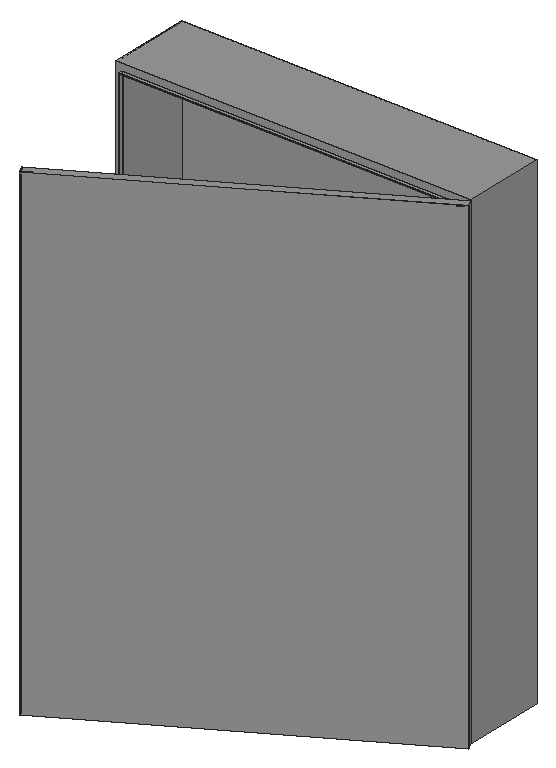
Revit family "Hager-Univers-IP44-D205-H1100-Cl.I-encl-NoHosted-DE-de", category Equipement électrique, Revit 2020
Family settings
  Configuration du panneau = Deux colonnes, circuits au sein
  Cote de connecteur circulaire = Utiliser le diamètre
  Type d'élément = Tableau de raccordement
  Basée sur le plan de construction = Oui
  Toujours verticalement = Oui
  Couper avec des vides une fois chargée = Non
  Partagée = Non
  Point de calcul de pièce = Non
Parameters (values of type "Aufputz IP44 B800 H1100 T205  - FP73TN2")
  Width Control [instance] = if([EF000008 - Breite] > Min Width, [EF000008 - Breite], Min Width)  # 800 mm
  Commentaires du type = [HG000003 - Bereich]  # "Univers"
  Thickness Door [instance] = if([EF009171 - Materialstärke Tür/Deckel] > 3 mm, 3 mm, [EF009171 - Materialstärke Tür/Deckel])  # 1 mm
  Seal Frame Offset [instance] = 17 mm  # constant formula
  Plinth Visibility [instance] = [HG000027 - Sockelhöhe] > 0 mm  # no
  Min Width [instance] = 100 mm  # constant formula
  Min Depth [instance] = (2 * [EF009170 - Materialstärke Gehäuse]) + 1 mm  # 3 mm
  Min Height [instance] = 100 mm  # constant formula
  Internal Frame Depth [instance] = (Door System Depth * 0.5)  # 9 mm
  Panel Name [instance] = ""  # (empty or 0)
  Model = ""
  HG000027 - Sockelhöhe = 0 mm
  HG000026 - Stehend auf dem Boden = no
  HG000024 - Höhe des unteren Teils = 600 mm
  HG000023 - Gehäuse mit doppeltem Querschnitt = no
  HG000016 - 3D-Türsichtbarkeit [instance] = yes
  HG000015 - Sichtbarkeit der Türöffnung [instance] = no
  HG000014 - Tür rechts [instance] = yes
  HG000013 - Tür links [instance] = not([HG000014 - Tür rechts])  # no
  HG000012 - Türschwenkwinkel [instance] = 30.00°
  HG000010 - Asymmetrische Türen = no
  HG000009 - Doppelflügeligen Tür = no
  HG000006 - Unterputz = no
  HG000004 - Herstellerreferenz = "FP73TN2"
  HG000003 - Bereich = "Univers"
  HG000002 - Mit tür = yes
  Frame Offset Bottom [instance] = 10 mm  # constant formula
  Frame Offset [instance] = 15 mm  # constant formula
  EF015940 - Deckel mit Überdruckentlastung = no
  EF011959 - Schutzart (NEMA) = ""
  EF009554 - Anzahl der Öffnungen für Flanschplatten = 6
  EF009212 - Ausführung Deckel = "EV000116 - geschlossen"
  EF009171 - Materialstärke Tür/Deckel = 1 mm
  EF009170 - Materialstärke Gehäuse = 1 mm
  EF008873 - Nennstrom (In) = 250 A
  EF007800 - Geeignet für Blitzschutz = no
  EF006306 - Mit Schloss = no
  EF006244 - Transparenter Deckel/Tür = no
  EF005474 - Schutzart (IP) = "EV006418 - IP44"
  EF004464 - Art der Tür = "EV002646 - Einzel"
  EF004427 - Anzahl der Module = 252
  EF004293 - Schlagfestigkeit = "EV006815 - IK09"
  EF003532 - Geeignet für Außengebrauch = no
  EF002950 - Breite in Teilungseinheiten = 36
  EF001613 - Funktionserhalt = "EV000494 - ohne"
  EF001596 - Werkstoff des Gehäuses = "EV000179 - Stahl"
  EF001131 - Innentiefe = 130 mm
  EF001088 - Anbaumöglichkeit = yes
  EF000437 - Anzahl der Leitungseinführungen = 6
  EF000339 - Art der Abdeckung = "EV001012 - Deckel"
  EF000266 - Anzahl der Reihen = 7
  EF000218 - Einbautiefe = 205 mm
  EF000118 - Mit Montageplatte = no
  EF000116 - RAL-Nummer = "9010"
  EF000049 - Tiefe = 205 mm
  EF000040 - Höhe = 1100 mm
  EF000008 - Breite = 800 mm
  EF000007 - Farbe = "EV000202 - weiß"
  EF000003 - Montageart = "EV000384 - Aufputz"
  Door System Leaf Tolerance [instance] = 1.5 mm  # constant formula
  Door System Depth [instance] = 18 mm  # constant formula
  Door Height [instance] = Height Control - [HG000027 - Sockelhöhe]  # 1100 mm
  Description = ""
  Default Elevation = 1219.2 mm
  Connector Offset [instance] = Height Control / 2  # 550 mm
  Fabricant = "Hager"  # constant formula
  Height Control [instance] = if([EF000040 - Höhe] > Min Height, [EF000040 - Höhe], Min Height)  # 1100 mm
  Depth Control [instance] = if([EF000049 - Tiefe] > Min Depth, [EF000049 - Tiefe], Min Depth)  # 205 mm
  Bottom Top Plate Trim [instance] = 1.5 mm  # constant formula
  Plinth height Ctrl [instance] = if([HG000027 - Sockelhöhe] > 0 mm, [HG000027 - Sockelhöhe], 12 mm)  # 12 mm
Types (9, lengths in mm): name | Width Control | HG000010 - Asymmetrische Türen | HG000009 - Doppelflügeligen Tür | HG000004 - Herstellerreferenz | EF009554 - Anzahl der Öffnungen für Flanschplatten | EF004464 - Art der Tür | EF004427 - Anzahl der Module | EF002950 - Breite in Teilungseinheiten | EF000437 - Anzahl der Leitungseinführungen | EF000008 - Breite
  Aufputz IP44 B1050 H1100 T205  - FP74TN2 | 1050 | no | yes | "FP74TN2" | 8 | "EV003602 - Doppel" | 336 | 48 | 8 | 1050
  Aufputz IP44 B1300 H1100 T205  - FP75TN | 1300 | no | yes | "FP75TN" | 10 | "EV003602 - Doppel" | 420 | 60 | 10 | 1300
  Aufputz IP44 B1300 H1100 T205  - FP75TN2 | 1300 | yes | yes | "FP75TN2" | 10 | "EV003602 - Doppel" | 420 | 60 | 10 | 1300
  Aufputz IP44 B300 H1100 T205  - FP71TN | 300 | no | no | "FP71TN" | 2 | "EV002646 - Einzel" | 84 | 12 | 2 | 300
  Aufputz IP44 B300 H1100 T205  - FP71TN2 | 300 | no | no | "FP71TN2" | 2 | "EV002646 - Einzel" | 84 | 12 | 2 | 300
  Aufputz IP44 B550 H1100 T205  - FP72TN | 550 | no | no | "FP72TN" | 4 | "EV002646 - Einzel" | 168 | 24 | 4 | 550
  Aufputz IP44 B550 H1100 T205  - FP72TN2 | 550 | no | no | "FP72TN2" | 4 | "EV002646 - Einzel" | 168 | 24 | 4 | 550
  Aufputz IP44 B800 H1100 T205  - FP73TN | 800 | no | no | "FP73TN" | 6 | "EV002646 - Einzel" | 252 | 36 | 6 | 800
  Aufputz IP44 B800 H1100 T205  - FP73TN2 | 800 | no | no | "FP73TN2" | 6 | "EV002646 - Einzel" | 252 | 36 | 6 | 800
Reference planes
  plane 1 "Center (Front/Back)": y = 0
  plane 2: z = 0
  plane 3 "Center (Left/Right)": x = 0
  plane 4: y = 0
  plane 5: y = 0
  plane 6: z = 0
  plane 7: x = -400
  plane 8: x = 400
  plane 9: x = 399
  plane 10: x = -399
  plane 11: z = 0
  plane 12: z = 1
  plane 13: y = -205
  plane 14: y = -1
  plane 15: x = 0
  plane 16: y = -187
  plane 17: y = -204
  plane 18: y = -186
  plane 19: x = -384
  plane 20: x = 384
  plane 21: z = 11
  plane 22: x = -383
  plane 23: x = 383
  plane 24: z = 0
  plane 25: z = 1100
  plane 26: z = 1100
  plane 27: z = 1084
  plane 28: z = 1099
Forms (mm)
  Extrusion 1, solid, material "Hager_Steel_RAL7035_Light_Grey", detail levels medium+fine
    sketch origin (-208.679, -4572, 0) x (-1, 0, 0) y (0, -1, 0)
      loop
        line (191.321, -4385) -> (-608.679, -4385) -> (-608.679, -4572) -> (191.321, -4572) -> (191.321, -4385)
    from 0 to 1100
  Extrusion 2, void
    sketch origin (-350.771, -205, 1219.2) x (1, 0, 0) y (0, 0, 1)
      loop
        line (-48.229, -120.2) -> (-48.229, -1218.2) -> (749.771, -1218.2) -> (749.771, -120.2) -> (-48.229, -120.2)
    from -19 to -204
  Extrusion 3, void
    sketch origin (-290.084, -187, 1219.2) x (1, 0, 0) y (0, 0, 1)
      loop
        line (-93.916, -1208.2) -> (674.084, -1208.2) -> (674.084, -135.2) -> (-93.916, -135.2) -> (-93.916, -1208.2)
    from 0 to -1
  Extrusion 4, solid, material "Hager_Steel_RAL7035_Light_Grey", visible <- "Plinth Visibility", detail levels medium+fine
    sketch origin (0, 0, 0) x (1, 0, 0) y (0, 1, 0)
      loop
        line (-400, 0) -> (-400, -187) -> (400, -187) -> (400, 0) -> (-400, 0)
    from 0 to 12 <- "Plinth height Ctrl"
  Extrusion 5, solid, material "Hager_Steel_RAL7035_Light_Grey", detail levels coarse
    sketch origin (0, 0, 0) x (1, 0, 0) y (0, 1, 0)
      loop
        line (-400, 0) -> (-400, -205) -> (400, -205) -> (400, 0) -> (-400, 0)
    from 0 to 1100 <- "Height Control"
  Sweep 6, void
    path in 3D
      loop
        line (-400, -187, 12) -> (400, -187, 12) -> (400, 0, 12) -> (-400, 0, 12) -> (-400, -187, 12)
    profile origin (-400, -93.5, 12) x (1, 0, 0) y (0, 0, 1)
      loop
        line (0, 0) -> (0, -1.5) -> (1.5, -1.5)
        arc (1.5, -1.5) -> (1.061, -0.439) -> (0, 0) r 1.5
  Extrusion 7, solid, material "Hager_Steel_RAL7035_Light_Grey", detail levels fine
    sketch origin (-400, -187, 0) x (1, 0, 0) y (0, 0, 1)
      loop
        line (16, 11) -> (784, 11) -> (784, 1084) -> (16, 1084) -> (16, 11)
      loop
        line (15, 10) -> (785, 10) -> (785, 1085) -> (15, 1085) -> (15, 10)
    from 0 to 9 <- "Internal Frame Depth"
Cuts and joins
  Extrusion 2, Extrusion 3 cuts Extrusion 1
  Sweep 6 cuts Extrusion 4
Lines and regions (mm)
  Masking region 1
    outline origin (0, 0, 0) x (1, 0, 0) y (0, 1, 0)
      loop
        line (-400, 0) -> (-400, -205) -> (400, -205) -> (400, 0) -> (-400, 0)
  Masking region 2, detail levels coarse
    outline origin (-290.084, -187, 1219.2) x (-1, 0, 0) y (0, 0, 1)
      loop
        line (-690.084, -1219.2) -> (109.916, -1219.2) -> (109.916, -119.2) -> (-690.084, -119.2) -> (-690.084, -1219.2)
  Masking region 3, detail levels coarse
    outline origin (0, 0, 0) x (0, 1, 0) y (0, 0, 1)
      loop
        line (0, 0) -> (0, 1100) -> (-205, 1100) -> (-205, 0) -> (0, 0)
  Masking region 4, visible <- "Plinth Visibility", detail levels medium+fine
    outline origin (0, 0, 0) x (0, 1, 0) y (0, 0, 1)
      loop
        line (-1.5, 12) -> (-185.5, 12)
        arc (-185.5, 12) -> (-185.939, 10.939) -> (-187, 10.5) r 1.5
        line (-187, 10.5) -> (-187, 0) -> (0, 0) -> (0, 10.5)
        arc (0, 10.5) -> (-1.061, 10.939) -> (-1.5, 12) r 1.5
  Masking region 5, detail levels medium+fine
    outline origin (0, 0, 594.038) x (0, 1, 0) y (0, 0, 1)
      loop
        line (0, -594.038) -> (0, 505.962) -> (-187, 505.962) -> (-187, -594.038) -> (0, -594.038)
  Masking region 6, detail levels medium+fine
    outline origin (-359.7, -187, 1211.883) x (-1, 0, 0) y (0, 0, 1)
      loop
        line (-759.7, -1211.883) -> (40.3, -1211.883) -> (40.3, -111.883) -> (-759.7, -111.883) -> (-759.7, -1211.883)
  Masking region 7, visible <- "Plinth Visibility", detail levels medium+fine
    outline origin (-320.334, -187, 1041.368) x (-1, 0, 0) y (0, 0, 1)
      loop
        line (-720.334, -1041.368) -> (79.666, -1041.368) -> (79.666, -1030.868)
        arc (79.666, -1030.868) -> (78.606, -1030.429) -> (78.166, -1029.368) r 1.5
        line (78.166, -1029.368) -> (-718.834, -1029.368)
        arc (-718.834, -1029.368) -> (-719.273, -1030.429) -> (-720.334, -1030.868) r 1.5
        line (-720.334, -1030.868) -> (-720.334, -1041.368)
  sketch lines
    curve 1: line (-400, 0, 12) -> (-400, -187, 12)
    curve 2: line (-400, -187, 12) -> (400, -187, 12)
    curve 3: line (400, 0, 12) -> (-400, 0, 12)
    curve 4: line (400, -187, 12) -> (400, 0, 12)
Dimensions and locks
  locked: plane 1 "Center (Front/Back)" to plane 5
  "EF009170 - Materialstärke Gehäuse": plane 7 to plane 10
  "EF009170 - Materialstärke Gehäuse": plane 8 to plane 9
  equal spacing: plane 7, plane 3 "Center (Left/Right)", plane 8
  "Width Control": plane 7 to plane 8
  "Depth Control": plane 4 to plane 13
  "EF009170 - Materialstärke Gehäuse": plane 4 to plane 14
  "Height Control": plane 25 to level
  "HG000027 - Sockelhöhe": plane 11 to level
  "EF009170 - Materialstärke Gehäuse": plane 12 to plane 11
  "EF009170 - Materialstärke Gehäuse": plane 17 to plane 13
  "EF009170 - Materialstärke Gehäuse": plane 18 to plane 16
  "Frame Offset Bottom": plane 21 to plane 12
  "Frame Offset": plane 10 to plane 19
  "Frame Offset": plane 9 to plane 20
  "Door System Depth": plane 16 to plane 13
  "Seal Frame Offset": plane 7 to plane 22
  "Seal Frame Offset": plane 8 to plane 23
  "EF009170 - Materialstärke Gehäuse": plane 26 to plane 28
  "Frame Offset": plane 28 to plane 27
  "Connector Offset": plane 2 to connector elem
  "Bottom Top Plate Trim": profile plane to Sweep 6 sketch curve
  "Bottom Top Plate Trim": Sweep 6 sketch curve to Sweep 6 sketch curve
  "Plinth height Ctrl": Masking region 4 sketch curve to level
  "Plinth height Ctrl": Masking region 7 sketch curve to level
  "Thickness Door": Extrusion 7 sketch curve to Extrusion 7 sketch curve  (x4)
  "Bottom Top Plate Trim": radius of Sweep 6 sketch curve
  "Bottom Top Plate Trim": radius of Masking region 4 sketch curve  (x2)
  "Bottom Top Plate Trim": radius of Masking region 7 sketch curve  (x2)
  aligned and locked: Extrusion 2 sketch curve to plane 12
  aligned and locked: Extrusion 2 sketch curve to plane 9
  aligned and locked: Extrusion 2 sketch curve to plane 10
  aligned and locked: Extrusion 2 to plane 14
  aligned and locked: Extrusion 1 sketch curve to plane 4
  aligned and locked: plane 8 to Extrusion 1 sketch curve
  aligned and locked: plane 7 to Extrusion 1 sketch curve
  aligned and locked: Extrusion 2 to plane 18
  aligned and locked: Extrusion 3 sketch curve to plane 19
  aligned and locked: plane 20 to Extrusion 3 sketch curve
  aligned and locked: Extrusion 3 to Extrusion 2
  aligned and locked: Extrusion 3 sketch curve to plane 21
  aligned and locked: plane 3 "Center (Left/Right)" to nested 1
  aligned and locked: Extrusion 1 sketch curve to plane 16
  aligned and locked: Extrusion 4 sketch curve to cut or joined group of Extrusion 1, Extrusion 2, Extrusion 3
  aligned and locked: Masking region 1 sketch curve to plane 7
  aligned and locked: Masking region 1 sketch curve to plane 5
  aligned and locked: Masking region 1 sketch curve to plane 8
  aligned and locked: Masking region 2 sketch curve to level
  aligned and locked: level to Masking region 3 sketch curve
  aligned and locked: plane 1 "Center (Front/Back)" to Masking region 3 sketch curve
  aligned and locked: plane 13 to Masking region 3 sketch curve
  aligned and locked: plane 5 to Masking region 4 sketch curve
  aligned and locked: Masking region 2 sketch curve to plane 8
  aligned and locked: Masking region 2 sketch curve to plane 7
  aligned and locked: plane 7 to nested 2
  aligned and locked: nested 2 to plane 5
  aligned and locked: plane 5 to Masking region 5 sketch curve
  aligned and locked: plane 26 to Masking region 5 sketch curve
  aligned and locked: Extrusion 5 sketch curve to plane 8
  aligned and locked: Extrusion 5 sketch curve to plane 7
  aligned and locked: Extrusion 5 sketch curve to plane 5
  aligned and locked: Extrusion 3 sketch curve to plane 27
  aligned and locked: Extrusion 2 sketch curve to plane 28
  aligned and locked: Masking region 2 to plane 25
  aligned and locked: Extrusion 4 to plane 16
  aligned and locked: profile plane to Sweep 6 sketch curve
  aligned and locked: Masking region 5 sketch curve to plane 24
  aligned and locked: level to Masking region 4 sketch curve
  aligned and locked: Masking region 1 to plane 13
  aligned and locked: nested 1 to plane 16
  aligned and locked: Masking region 3 to plane 25
  aligned and locked: plane 16 to Masking region 4 sketch curve
  aligned and locked: Masking region 5 sketch curve to plane 16
  aligned and locked: plane 24 to plane 11
  aligned and locked: plane 26 to plane 25
  aligned and locked: plane 26 to cut or joined group of Extrusion 1, Extrusion 2, Extrusion 3
  aligned and locked: nested 1 to plane 24
  aligned and locked: Extrusion 1 to Extrusion 3
  aligned and locked: Masking region 6 sketch curve to plane 8
  aligned and locked: Masking region 6 sketch curve to plane 24
  aligned and locked: Masking region 6 sketch curve to plane 7
  aligned and locked: Masking region 6 sketch curve to plane 26
  aligned and locked: Masking region 7 sketch curve to plane 7
  aligned and locked: level to Masking region 7 sketch curve
  aligned and locked: Masking region 7 sketch curve to plane 8
  aligned and locked: Extrusion 7 sketch curve to cut or joined group of Extrusion 1, Extrusion 2, Extrusion 3  (x4)
Automatic sketch dimensions
  plane 19 to Extrusion 3 sketch curve = 0 mm
  Extrusion 3 sketch curve to plane 20 = 0 mm
  Extrusion 3 sketch curve to plane 21 = 0 mm
  Extrusion 4 sketch curve to plane 7 = 0 mm
  Extrusion 4 sketch curve to plane 8 = 0 mm
  Extrusion 4 sketch curve to plane 16 = 0 mm
  Masking region 1 sketch curve to plane 13 = 0 mm
  Masking region 2 sketch curve to plane 25 = 0 mm
  Masking region 3 sketch curve to plane 25 = 0 mm
  Extrusion 5 sketch curve to plane 13 = 0 mm
  profile plane to Sweep 6 sketch curve = 0 mm
Nested families
  nested 1: "EC000058_Univers_Door" at (0, -187, 0), Double <- "HG000009 - Doppelflügeligen Tür", Transparent <- "EF006244 - Transparenter Deckel/Tür", Angle <- "HG000012 - Türschwenkwinkel", Door_Right <- "HG000014 - Tür rechts", Assymetrical <- "HG000010 - Asymmetrische Türen", Door <- "HG000002 - Mit tür", Width_Ctrl <- "Width Control", 3d_Door <- "HG000016 - 3D-Türsichtbarkeit", Clearance <- "HG000015 - Sichtbarkeit der Türöffnung", Door_Left <- "HG000013 - Tür links", Width <- "Width Control", Door_Depth <- "Door System Depth", Leaf_Tolerance <- "Door System Leaf Tolerance", Height <- "Door Height", Lock_Visibility <- "EF006306 - Mit Schloss", Thickness <- "Thickness Door", type "EC000058_Univers_Door", detail levels medium+fine
    with min_wh 3 mm, Width_Ctrl 800 mm, Width 800 mm, Transparent no, Thickness 1 mm, Seal_Material Hager_Rubber, Lock_Visibility no, Lock_Material Hager_Plastic_RAL9005_Jet_Black, Leaf_Width 800 mm, Leaf_Tolerance_External_Sides 0 mm, Leaf_Tolerance 1.5 mm, Leaf_Offset 0 mm, Leaf_Height 1097 mm, Leaf_2_Width 800 mm, Leaf_2_Offset 400 mm, Leaf_1_Width 800 mm, Leaf_1_Offset 400 mm, Height_Ctrl 1100 mm, Height 1100 mm, Glass_Material Hager_Glass, Double_Clearance_Ctrl no, Double no, Door_Right_Ctrl yes, Door_Right yes, Door_Material Hager_Steel_RAL7035_Light_Grey, Door_Left_Ctrl no, Door_Left no, Door_Depth 18 mm, Door yes, Clearance_Material Hager_Clearance, Clearance_Depth 800 mm, Clearance_Ctrl no, Clearance no, Assymetrical no, Angle 30.00°, 3d_Door yes
  nested 2: "Hager_Enclosure_Symbol" at (-400, 0, 0), Height <- "Depth Control", Width <- "Width Control", type "Hager_Enclosure_Symbol"
    with Width_Ctrl 800 mm, Width 800 mm, Height_Ctrl 205 mm, Height 205 mm, A_Width_Int 13.453 mm, A_Width 161.438 mm, A_Height_Ctrl 179.375 mm, A_Height 179.375 mm
Connectors
  electrical at (0, 0, 550)
    settings: on plane 1 "Center (Front/Back)", index 1, voltage 0 V, apparent load 0 VA, apparent load phase1 0 VA, apparent load phase2 0 VA, apparent load phase3 0 VA, power factor 1, load classification "Other", number of poles 1, system type 30, power factor state 1, is connector primary yes, connector utility no, sub classification motor no, connector description ""
Definition of nested family "EC000058_Univers_Door"
  Parameters (values of type "EC000058_Univers_Door")
    min_wh [instance] = (2 * Thickness) + 1 mm  # 11 mm
    Width_Ctrl [instance] = 400 mm
    Width [instance] = 500 mm
    Transparent [instance] = yes
    Thickness [instance] = 5 mm
    Seal_Material [instance] = none
    Lock_Visibility [instance] = yes
    Lock_Material [instance] = none
    Leaf_Width [instance] = if((Width_Ctrl - 2 * Leaf_Tolerance_External_Sides) > 0 mm, (Width_Ctrl - 2 * Leaf_Tolerance_External_Sides), min_wh)  # 400 mm
    Leaf_Tolerance_External_Sides [instance] = 0 mm  # constant formula
    Leaf_Tolerance [instance] = 1.5 mm
    Leaf_Offset [instance] = 0 mm  # constant formula
    Leaf_Height [instance] = if((Height_Ctrl - 2 * Leaf_Tolerance) > 0 mm, (Height_Ctrl - 2 * Leaf_Tolerance), min_wh)  # 497 mm
    Leaf_2_Width [instance] = if(and(and(Double, Assymetrical), Door_Left), (Leaf_Width / 3) - (Leaf_Tolerance / 2), if(and(and(Double, Assymetrical), Door_Right), (Leaf_Width / 3) * 2 - (Leaf_Tolerance / 2), if(and(Double, not(Assymetrical)), (Leaf_Width / 2) - Leaf_Tolerance, Leaf_Width)))  # 400 mm
    Leaf_2_Offset [instance] = if(and(Double, Assymetrical), Leaf_2_Width / 2, if(and(Double, not(Assymetrical)), Leaf_Width / 4, Leaf_Width / 2))  # 200 mm
    Leaf_1_Width [instance] = if(and(and(Double, Assymetrical), Door_Right), (Leaf_Width / 3) - (Leaf_Tolerance / 2), if(and(and(Double, Assymetrical), Door_Left), (Width / 3) * 2 - (Leaf_Tolerance / 2), if(and(Double, not(Assymetrical)), (Leaf_Width / 2) - Leaf_Tolerance, Leaf_Width)))  # 400 mm
    Leaf_1_Offset [instance] = if(and(Double, Assymetrical), Leaf_1_Width / 2, if(and(Double, not(Assymetrical)), Leaf_Width / 4, Leaf_Width / 2))  # 200 mm
    Height_Ctrl [instance] = if(Height > min_wh, Height, min_wh)  # 500 mm
    Height [instance] = 500 mm
    Glass_Material [instance] = none
    Double_Clearance_Ctrl [instance] = and(Double, Clearance)  # no
    Double [instance] = no
    Door_Right_Ctrl [instance] = and(or(Door_Right, Double), Door)  # yes
    Door_Right [instance] = yes
    Door_Material [instance] = none
    Door_Left_Ctrl [instance] = and(or(Door_Left, Double), Door)  # no
    Door_Left [instance] = no
    Door_Depth [instance] = 30 mm
    Door [instance] = yes
    Default Elevation = 1219.2 mm
    Clearance_Material [instance] = none
    Clearance_Depth [instance] = if(Leaf_1_Width > Leaf_2_Width, Leaf_1_Width, Leaf_2_Width)  # 400 mm
    Clearance_Ctrl [instance] = and(not(Double), Clearance)  # yes
    Clearance [instance] = yes
    Assymetrical [instance] = yes
    Angle [instance] = 30.00°
    3d_Door [instance] = yes
  Reference planes
    plane 1 "Center (Front/Back)": y = 0
    plane 2 "Bottom": z = 0
    plane 3 "Center (Left/Right)": x = 0
    plane 4: z = 500
    plane 5: x = -200
    plane 6: x = 200
    plane 7: z = 500
    plane 8: x = -200
    plane 9: z = 0
    plane 10: x = 200
    plane 11: y = 0
    plane 12: z = 1.5
    plane 13: x = -600
    plane 14: y = -400
    plane 15: x = 600
    plane 16: x = 0
    plane 17: x = 0
    plane 18: x = -200
    plane 19: x = 200
    plane 20: z = 498.5
  Forms (mm)
    Extrusion 1, solid, material <- "Clearance_Material", visible <- "Double_Clearance_Ctrl"
      sketch origin (1200, 0, 0) x (1, 0, 0) y (0, 0, -1)
        loop
          line (-1800, -498.5) -> (-600, -498.5) -> (-600, 0) -> (-1800, 0) -> (-1800, -498.5)
      from 0 to -400
  Dimensions and locks
    equal spacing: plane 5, plane 3 "Center (Left/Right)", plane 6
    "Width_Ctrl": plane 5 to plane 6
    "Leaf_Offset": plane 5 to plane 8
    "Leaf_Offset": plane 6 to plane 10
    "Leaf_Offset": plane 9 to level
    "Leaf_Offset": plane 4 to plane 7
    "Height_Ctrl": plane 4 to level
    "Leaf_Tolerance": plane 12 to plane 9
    locked: plane 11 to plane 1 "Center (Front/Back)"
    "Leaf_1_Offset": plane 18 to plane 16
    "Leaf_2_Offset": plane 17 to plane 19
    "Leaf_1_Width": plane 13 to plane 8
    "Leaf_2_Width": plane 10 to plane 15
    "Clearance_Depth": plane 14 to plane 1 "Center (Front/Back)"
    "Leaf_Tolerance_External_Sides": plane 8 to plane 18
    "Leaf_Tolerance_External_Sides": plane 19 to plane 10
    "Leaf_Tolerance": plane 7 to plane 20
    aligned and locked: level to plane 2 "Bottom"
    aligned and locked: nested 1 to plane 16
    aligned and locked: nested 2 to plane 17
    aligned and locked: Extrusion 1 to plane 13
    aligned and locked: plane 15 to Extrusion 1
    aligned and locked: Extrusion 1 to plane 14
    aligned and locked: plane 12 to nested 1
    aligned and locked: nested 2 to plane 12
    aligned and locked: Extrusion 1 to plane 11
    aligned and locked: plane 20 to Extrusion 1
    aligned and locked: nested 2 to plane 11
    aligned and locked: nested 1 to plane 11
  Automatic sketch dimensions
    Extrusion 1 sketch curve to level = 0 mm
    plane 5 to Extrusion 1 sketch curve = 400 mm
    plane 6 to Extrusion 1 sketch curve = 400 mm
    Extrusion 1 sketch curve to plane 4 = 1.5 mm
  Nested families
    nested 1: "EC000058_Univers_Door_Leaf" at (0, 0, 1.5), Width <- "Leaf_1_Width", visible <- "Door_Left_Ctrl", Leaf_Height <- "Leaf_Height", Angle <- "Angle", 3d_Door <- "3d_Door", Transparent <- "Transparent", Clearance Material <- "Clearance_Material", Clearance <- "Clearance_Ctrl", Door_Material <- "Door_Material", Glass_Material <- "Glass_Material", Door_Depth <- "Door_Depth", Lock_Material <- "Lock_Material", Seal_Material <- "Seal_Material", Lock_Visibility <- "Lock_Visibility", Thickness <- "Thickness", type "EC000058_Univers_Door_Leaf"
      with Width 400 mm, Transparent_Glass_Offset 30 mm, Transparent_Ctrl yes, Transparent yes, Thickness 5 mm, Standard no, Seal_Material none, Seal_D2 8 mm, Seal_D1 1 mm, Offset_Internal_Frame 10 mm, Lock_Width 20 mm, Lock_Visibility_3d yes, Lock_Visibility yes, Lock_Thickness_3 3 mm, Lock_Thickness_2 1 mm, Lock_Thickness_1 3 mm, Lock_Radius_Offset_2 16 mm, Lock_Radius_Offset_1 15 mm, Lock_Radius_2 5 mm, Lock_Radius 6 mm, Lock_Offset 5 mm, Lock_Material none, Lock_Height 80 mm, Lock_Cover_Top_Offset_2d 17 mm, Lock_Cover_Height -65 mm, Leaf_Height 497 mm, Internal_Seal_Thickness 8 mm, Internal_Seal_Depth_2 4.5 mm, Internal_Frame_Depth 25 mm, Glass_Thickness -1 mm, Glass_Offset -2 mm, Glass_Material none, Door_Material none, Door_Depth 30 mm, Clearance Material none, Clearance yes, Angle_Ctrl 30.00°, Angle 30.00°, 3d_Door yes
    nested 2: "EC000058_Univers_Door_Leaf" at (0, 0, 1.5) x (-1, 0, 0) z (0, 0, 1), Width <- "Leaf_2_Width", visible <- "Door_Right_Ctrl", Leaf_Height <- "Leaf_Height", Angle <- "Angle", 3d_Door <- "3d_Door", Transparent <- "Transparent", Clearance Material <- "Clearance_Material", Clearance <- "Clearance_Ctrl", Door_Material <- "Door_Material", Glass_Material <- "Glass_Material", Door_Depth <- "Door_Depth", Lock_Material <- "Lock_Material", Seal_Material <- "Seal_Material", Lock_Visibility <- "Lock_Visibility", Thickness <- "Thickness", type "EC000058_Univers_Door_Leaf"
      with Width 400 mm, Transparent_Glass_Offset 30 mm, Transparent_Ctrl yes, Transparent yes, Thickness 5 mm, Standard no, Seal_Material none, Seal_D2 8 mm, Seal_D1 1 mm, Offset_Internal_Frame 10 mm, Lock_Width 20 mm, Lock_Visibility_3d yes, Lock_Visibility yes, Lock_Thickness_3 3 mm, Lock_Thickness_2 1 mm, Lock_Thickness_1 3 mm, Lock_Radius_Offset_2 16 mm, Lock_Radius_Offset_1 15 mm, Lock_Radius_2 5 mm, Lock_Radius 6 mm, Lock_Offset 5 mm, Lock_Material none, Lock_Height 80 mm, Lock_Cover_Top_Offset_2d 17 mm, Lock_Cover_Height -65 mm, Leaf_Height 497 mm, Internal_Seal_Thickness 8 mm, Internal_Seal_Depth_2 4.5 mm, Internal_Frame_Depth 25 mm, Glass_Thickness -1 mm, Glass_Offset -2 mm, Glass_Material none, Door_Material none, Door_Depth 30 mm, Clearance Material none, Clearance yes, Angle_Ctrl 30.00°, Angle 30.00°, 3d_Door yes
  Definition of nested family "EC000058_Univers_Door_Leaf"
    Parameters (values of type "EC000058_Univers_Door_Leaf")
      Width [instance] = 2000 mm
      Transparent_Glass_Offset [instance] = 30 mm
      Transparent_Ctrl [instance] = and(Transparent, [3d_Door])  # yes
      Transparent [instance] = yes
      Thickness [instance] = 5 mm
      Standard [instance] = and(not(Transparent), [3d_Door])  # no
      Seal_Material [instance] = none
      Seal_D2 [instance] = 8 mm  # constant formula
      Seal_D1 [instance] = 1 mm  # constant formula
      Offset_Internal_Frame [instance] = 10 mm  # constant formula
      Lock_Width [instance] = 20 mm  # constant formula
      Lock_Visibility_3d [instance] = and(Lock_Visibility, [3d_Door])  # yes
      Lock_Visibility [instance] = yes
      Lock_Thickness_3 [instance] = 3 mm  # constant formula
      Lock_Thickness_2 [instance] = 1 mm  # constant formula
      Lock_Thickness_1 [instance] = 3 mm  # constant formula
      Lock_Radius_Offset_2 [instance] = Lock_Radius_Offset_1 + 1 mm  # 16 mm
      Lock_Radius_Offset_1 [instance] = 15 mm  # constant formula
      Lock_Radius_2 [instance] = Lock_Radius - 1 mm  # 5 mm
      Lock_Radius [instance] = 6 mm  # constant formula
      Lock_Offset [instance] = 5 mm  # constant formula
      Lock_Material [instance] = none
      Lock_Height [instance] = 80 mm  # constant formula
      Lock_Cover_Top_Offset_2d [instance] = Lock_Radius_Offset_2 + 1 mm  # 17 mm
      Lock_Cover_Height [instance] = -(Lock_Height - Lock_Radius_Offset_1)  # -65 mm
      Leaf_Height [instance] = 2720.336 mm
      Internal_Seal_Thickness [instance] = 8 mm  # constant formula
      Internal_Seal_Depth_2 [instance] = 4.5 mm  # constant formula
      Internal_Frame_Depth [instance] = if(Door_Depth - Thickness > 5 mm, Door_Depth - Thickness, 5 mm)  # 25 mm
      Glass_Thickness [instance] = if(Thickness > 15 mm, Glass_Offset + 10 mm, -1 mm)  # -1 mm
      Glass_Offset [instance] = if(Thickness > 15 mm, -(Thickness + 10 mm) / 2, -2 mm)  # -2 mm
      Glass_Material [instance] = none
      Door_Material [instance] = none
      Door_Depth [instance] = 30 mm
      Default Elevation = 0 mm
      Clearance Material [instance] = none
      Clearance [instance] = yes
      Angle_Ctrl [instance] = if(Angle > 180.00°, 180.00°, Angle)  # 90.00°
      Angle [instance] = 90.00°
      3d_Door [instance] = yes
    Reference planes
      plane 1 "Center (Front/Back)": y = 0
      plane 2: z = 0
      plane 3 "Center (Left/Right)": x = 0
      plane 4: y = 2000
      plane 5: x = -1000
      plane 6: x = 1000
      plane 7: x = -3000
      plane 8: z = 2720.336
      plane 9: z = 30
      plane 10: z = 2690.336
      plane 11: x = 970
      plane 12: x = -970
      plane 13: y = -3
      plane 14: z = 107.833
      plane 15: y = -5
      plane 16: y = -223.314
      plane 17: x = -1000
      plane 18: z = 1360.168
      plane 19: y = 30
    Forms (mm)
      Extrusion 1, solid, material <- "Clearance Material", visible <- "Clearance"
        sketch origin (0, 0, 0) x (1, 0, 0) y (0, 0, 1)
          loop
            line (-3000, 2720.336) -> (-3000, 0) -> (1000, 0) -> (1000, 2720.336) -> (-3000, 2720.336)
        from 0 to -2000
      Extrusion 2, solid, material <- "Door_Material", visible <- "Standard", detail levels medium+fine
        sketch origin (-1000, 0, 0) x (0, 1, 0) y (-1, 0, 0)
          loop
            line (0, 30) -> (0, 25) -> (2000, 25) -> (2000, 30) -> (0, 30)
        from 0 to 2720.336 <- "Leaf_Height"
      Extrusion 3, solid, material <- "Door_Material", visible <- "Transparent_Ctrl", detail levels medium+fine
        sketch origin (-1000, 0, 0) x (0, 1, 0) y (-1, 0, 0)
          loop
            line (0, 25) -> (2000, 25) -> (2000, 30) -> (0, 30) -> (0, 25)
        from 0 to 2720.336 <- "Leaf_Height"
      Extrusion 4, void
        sketch origin (-1025, 2000, 0) x (0, 1, 0) y (0, 0, -1)
          loop
            line (-30, -2690.336) -> (-30, -30) -> (-1970, -30) -> (-1970, -2690.336) -> (-30, -2690.336)
        from 0 to 5 <- "Thickness"
      Sweep 5, solid, material <- "Seal_Material", visible <- "Transparent_Ctrl", detail levels fine
        path in 3D
          loop
            line (-1025, 30, 30) -> (-1025, 30, 2690.336) -> (-1025, 1970, 2690.336) -> (-1025, 1970, 30) -> (-1025, 30, 30)
        profile origin (-1025, 1000, 30) x (1, 0, 0) y (0, 0, 1)
          loop
            line (0, 0) -> (0, -8) -> (1, -8) -> (1, 0) -> (0, 0)
      Extrusion 6, solid, material <- "Glass_Material", visible <- "Transparent_Ctrl", detail levels medium+fine
        sketch origin (-1030, 0, 0) x (0, 1, 0) y (0, 0, -1)
          loop
            line (1970, -2690.336) -> (1970, -30) -> (30, -30) -> (30, -2690.336) -> (1970, -2690.336)
        from -2 <- "Glass_Offset" to -1 <- "Glass_Thickness"
      Extrusion 7, solid, material <- "Door_Material", visible <- "3d_Door", detail levels medium+fine
        sketch origin (-1025, 2000, 0) x (0, -1, 0) y (0, 0, -1)
          loop
            line (0, -2720.336) -> (2000, -2720.336) -> (2000, 0) -> (0, 0) -> (0, -2720.336)
          loop
            line (1995, -5) -> (5, -5) -> (5, -2715.336) -> (1995, -2715.336) -> (1995, -5)
        from 0 to 25 <- "Internal_Frame_Depth"
      Sweep 8, solid, material <- "Seal_Material", visible <- "Transparent_Ctrl", detail levels fine
        path in 3D
          loop
            line (-1025, 0, 0) -> (-1025, 2000, 0) -> (-1025, 2000, 2720.336) -> (-1025, 0, 2720.336) -> (-1025, 0, 0)
        profile origin (-1025, 0, 1360.168) x (1, 0, 0) y (0, 1, 0)
          loop
            line (0, 10) -> (2.975, 10)
            arc (2.975, 10) -> (4.053, 10.447) -> (4.5, 11.525) r 1.525
            line (4.5, 11.525) -> (4.5, 16.527)
            arc (4.5, 16.527) -> (4.069, 17.569) -> (3.027, 18) r 1.473
            line (3.027, 18) -> (0, 18) -> (0, 10)
      Extrusion 9, solid, material <- "Lock_Material", visible <- "Lock_Visibility_3d", detail levels fine
        sketch origin (-1030, 0, 0) x (0, 1, 0) y (0, 0, -1)
          loop
            arc (1993.5, -1400.168) -> (1994.561, -1399.729) -> (1995, -1398.668) r 1.5
            line (1995, -1398.668) -> (1995, -1320.168) -> (1975, -1320.168) -> (1975, -1398.668)
            arc (1975, -1398.668) -> (1975.439, -1399.729) -> (1976.5, -1400.168) r 1.5
            line (1976.5, -1400.168) -> (1993.5, -1400.168)
        from 3 <- "Lock_Thickness_1" to 0
      Blend 10, solid, material <- "Lock_Material", visible <- "Lock_Visibility_3d", detail levels fine
        base sketch origin (-1033, 0, 0) x (0, 1, 0) y (0, 0, -1)
          loop
            line (1975, -1320.168) -> (1975, -1398.668)
            arc (1975, -1398.668) -> (1975.439, -1399.729) -> (1976.5, -1400.168) r 1.5
            line (1976.5, -1400.168) -> (1993.5, -1400.168)
            arc (1993.5, -1400.168) -> (1994.561, -1399.729) -> (1995, -1398.668) r 1.5
            line (1995, -1398.668) -> (1995, -1320.168) -> (1975, -1320.168)
        top sketch origin (-1033, 0, 0) x (0, 1, 0) y (0, 0, -1)
          loop
            line (1976, -1320.168) -> (1976, -1398.668)
            arc (1976, -1398.668) -> (1976.146, -1399.022) -> (1976.5, -1399.168) r 0.5
            line (1976.5, -1399.168) -> (1993.5, -1399.168)
            arc (1993.5, -1399.168) -> (1993.854, -1399.022) -> (1994, -1398.668) r 0.5
            line (1994, -1398.668) -> (1994, -1320.168) -> (1976, -1320.168)
        from 0 to 1 <- "Lock_Thickness_2"
      Blend 11, solid, material <- "Lock_Material", visible <- "Lock_Visibility_3d", detail levels fine
        base sketch origin (-1034, 0, 0) x (0, 1, 0) y (0, 0, -1)
          loop
            line (1978, -1320.168) -> (1978, -1384.168)
            arc (1978, -1384.168) -> (1985, -1391.168) -> (1992, -1384.168) r 7
            line (1992, -1384.168) -> (1992, -1320.168) -> (1978, -1320.168)
        top sketch origin (-1034, 0, 0) x (0, 1, 0) y (0, 0, -1)
          loop
            line (1991, -1320.168) -> (1979, -1320.168) -> (1979, -1383.168)
            arc (1979, -1383.168) -> (1985, -1389.168) -> (1991, -1383.168) r 6
            line (1991, -1383.168) -> (1991, -1320.168)
        from 0 to 3 <- "Lock_Thickness_3"
      Extrusion 12, solid, material <- "Lock_Material", visible <- "Lock_Visibility_3d", detail levels fine
        sketch origin (-1030, 1975, 1320.168) x (1, 0, 0) y (0, -1, 0)
          loop
            line (-7, -19) -> (-7, -1) -> (0, -1) -> (0, 0) -> (-8, 0) -> (-8, -20) -> (0, -20) -> (0, -19) -> (-7, -19)
        from 0 to -65 <- "Lock_Cover_Height"
      Extrusion 13, void
        sketch origin (-1038, 1995, 1320.168) x (-1, 0, 0) y (0, 0, -1)
          loop
            line (-5, -65) -> (0, -65) -> (-5, -60) -> (-5, -65)
        from 0 to 20 <- "Lock_Width"
      Extrusion 14, void
        sketch origin (-1038, 1975, 1320.168) x (0, -1, 0) y (0, 0, -1)
          loop
            circle (-10, -15.995) r 6
          loop
            circle (-10, -15.995) r 5
        from 0 to 2
      Extrusion 15, solid, material <- "Lock_Material", visible <- "Lock_Visibility_3d", detail levels medium
        sketch origin (-1030, 0, 0) x (0, 1, 0) y (0, 0, -1)
          loop
            arc (1993.5, -1400.168) -> (1994.561, -1399.729) -> (1995, -1398.668) r 1.5
            line (1995, -1398.668) -> (1995, -1320.168) -> (1975, -1320.168) -> (1975, -1398.668)
            arc (1975, -1398.668) -> (1975.439, -1399.729) -> (1976.5, -1400.168) r 1.5
            line (1976.5, -1400.168) -> (1993.5, -1400.168)
        from 8 to 0
    Cuts and joins
      Extrusion 4 cuts Extrusion 3
      Extrusion 13, Extrusion 14 cuts Extrusion 9
      Extrusion 14 cuts Blend 11
      Extrusion 13, Extrusion 14 cuts Extrusion 12
      joined: Extrusion 9, Blend 10, Blend 11, Extrusion 12
      Extrusion 14 cuts Extrusion 15
    Lines and regions (mm)
      Masking region 1, visible <- "Lock_Visibility", detail levels fine
        outline origin (0, 0, 0) x (0, 1, 0) y (0, 0, 1)
          loop
            line (30, 1320.168) -> (33, 1320.168) -> (33, 1400.168) -> (30, 1400.168) -> (30, 1320.168)
      Masking region 2, visible <- "Lock_Visibility", detail levels fine
        outline origin (0, 3.143, 0) x (0, 1, 0) y (0, 0, 1)
          loop
            line (29.857, 1354.168) -> (30.857, 1354.168) -> (30.857, 1366.168) -> (29.857, 1366.168) -> (29.857, 1354.168)
      Masking region 3, detail levels medium+fine
        outline origin (0, 0, 0) x (0, 1, 0) y (0, 0, 1)
          loop
            line (0, 0) -> (30, 0) -> (30, 2720.336) -> (0, 2720.336) -> (0, 0)
      Masking region 4, detail levels medium+fine
        outline origin (0, 0, 0) x (1, 0, 0) y (0, 0, 1)
          loop
            line (-1000, 2720.336) -> (-1000, 0) -> (1000, 0) -> (1000, 2720.336) -> (-1000, 2720.336)
      Masking region 5, visible <- "Lock_Visibility", detail levels fine
        outline origin (-47.116, 0, 0) x (1, 0, 0) y (0, 0, 1)
          loop
            arc (1024.616, 1399.168) -> (1023.556, 1398.729) -> (1023.116, 1397.668) r 1.5
            line (1023.116, 1397.668) -> (1023.116, 1320.168) -> (1041.116, 1320.168) -> (1041.116, 1397.668)
            arc (1041.116, 1397.668) -> (1040.677, 1398.729) -> (1039.616, 1399.168) r 1.5
            line (1039.616, 1399.168) -> (1024.616, 1399.168)
      Masking region 6, visible <- "Lock_Visibility", detail levels medium+fine
        outline origin (-25, 0, 0) x (1, 0, 0) y (0, 0, 1)
          loop
            arc (1001.5, 1400.168) -> (1000.439, 1399.729) -> (1000, 1398.668) r 1.5
            line (1000, 1398.668) -> (1000, 1320.168) -> (1020, 1320.168) -> (1020, 1398.668)
            arc (1020, 1398.668) -> (1019.561, 1399.729) -> (1018.5, 1400.168) r 1.5
            line (1018.5, 1400.168) -> (1001.5, 1400.168)
      Masking region 7, visible <- "Lock_Visibility", detail levels fine
        outline origin (-73.735, 0, 0) x (1, 0, 0) y (0, 0, 1)
          loop
            line (1051.735, 1382.168) -> (1065.735, 1382.168) -> (1065.735, 1384.168)
            arc (1065.735, 1384.168) -> (1058.735, 1391.168) -> (1051.735, 1384.168) r 7
            line (1051.735, 1384.168) -> (1051.735, 1382.168)
      Masking region 8, visible <- "Lock_Visibility", detail levels fine
        outline origin (-73.735, 0, 0) x (1, 0, 0) y (0, 0, 1)
          loop
            line (1052.735, 1382.168) -> (1064.735, 1382.168) -> (1064.735, 1383.168)
            arc (1064.735, 1383.168) -> (1058.735, 1389.168) -> (1052.735, 1383.168) r 6
            line (1052.735, 1383.168) -> (1052.735, 1382.168)
      Masking region 9, visible <- "Lock_Visibility", detail levels fine
        outline origin (-25, 0, 0) x (1, 0, 0) y (0, 0, 1)
          loop
            line (1020, 1320.168) -> (1020, 1382.168) -> (1000, 1382.168) -> (1000, 1320.168) -> (1020, 1320.168)
      Masking region 10, detail levels medium+fine
        outline origin (0, 0, 0) x (1, 0, 0) y (0, 0, 1)
          loop
            circle (985, 1335.144) r 6
      Masking region 11, detail levels fine
        outline origin (0, 0, 0) x (1, 0, 0) y (0, 0, 1)
          loop
            circle (985, 1335.144) r 5
      Masking region 12, visible <- "Lock_Visibility", detail levels fine
        outline origin (0, 12.767, 0) x (0, 1, 0) y (0, 0, 1)
          loop
            line (20.233, 1320.168) -> (21.233, 1320.168) -> (21.233, 1399.168) -> (20.233, 1400.168) -> (20.233, 1320.168)
      Masking region 13, visible <- "Lock_Visibility", detail levels fine
        outline origin (0, 13.767, -10) x (0, 1, 0) y (0, 0, 1)
          loop
            line (20.233, 1330.168) -> (23.233, 1330.168) -> (23.233, 1399.168) -> (20.233, 1402.168) -> (20.233, 1330.168)
      Masking region 14, visible <- "Lock_Visibility", detail levels fine
        outline origin (0, 12.767, -10) x (0, 1, 0) y (0, 0, 1)
          loop
            line (20.233, 1330.168) -> (25.233, 1330.168) -> (25.233, 1399.305) -> (20.233, 1394.305) -> (20.233, 1330.168)
      Masking region 15, visible <- "Lock_Visibility", detail levels medium
        outline origin (0, 0, 0) x (0, 1, 0) y (0, 0, 1)
          loop
            line (30, 1320.168) -> (38, 1320.168) -> (38, 1400.168) -> (30, 1400.168) -> (30, 1320.168)
      Masking region 16, visible <- "Lock_Visibility", detail levels fine
        outline origin (-1000, 0, 0) x (0, 1, 0) y (-1, 0, 0)
          loop
            line (1975, 30) -> (1995, 30) -> (1995, 38) -> (1975, 38) -> (1975, 30)
          loop
            line (1979, 37) -> (1976, 37) -> (1976, 34) -> (1978, 34) -> (1979, 37)
          loop
            line (1994, 37) -> (1991, 37) -> (1992, 34) -> (1994, 34) -> (1994, 37)
      Masking region 17, visible <- "Lock_Visibility", detail levels medium
        outline origin (-1000, 0, 0) x (0, 1, 0) y (-1, 0, 0)
          loop
            line (1975, 30) -> (1995, 30) -> (1995, 38) -> (1975, 38) -> (1975, 30)
      symbolic lines
        curve 1: line (1000, 0, 0) -> (-3000, 0, 0)
        curve 2: arc (1000, 0, 0) -> (-1000, 2000, 0) -> (-3000, 0, 0) r 2000
        curve 4: line (-1030, 0, 0) -> (-1030, 2000, 0)
      reference lines
        curve 3: line (-1000, 0, 0) -> (-1000, 2000, 0)
      symbolic lines, detail levels medium+fine
        curve 5: line (-1030, 2000, 0) -> (-1025, 2000, 0)
        curve 7: line (-1025, 0, 0) -> (-1030, 0, 0)
        curve 8: line (-1025, 0, 0) -> (-1000, 0, 0)
        curve 9: line (-1000, 0, 0) -> (-1000, 2000, 0)
        curve 10: line (-1000, 2000, 0) -> (-1025, 2000, 0)
      symbolic lines, detail levels fine
        curve 6: line (-1025, 2000, 0) -> (-1025, 0, 0)
      sketch lines
        curve 11: line (-1025, 0, 2720.336) -> (-1025, 0, 0)
        curve 12: line (-1025, 2000, 0) -> (-1025, 0, 0)
        curve 13: line (-1025, 2000, 2720.336) -> (-1025, 2000, 0)
        curve 14: line (-1025, 0, 2720.336) -> (-1025, 2000, 2720.336)
        curve 15: line (-1025, 1970, 30) -> (-1025, 30, 30)
        curve 16: line (-1025, 30, 30) -> (-1025, 30, 2690.336)
        curve 17: line (-1025, 1970, 2690.336) -> (-1025, 1970, 30)
        curve 18: line (-1025, 30, 2690.336) -> (-1025, 1970, 2690.336)
      symbolic lines, visible <- "Transparent", detail levels medium+fine
        curve 19: line (-970, 0, 2690.336) -> (970, 0, 2690.336)
        curve 20: line (-970, 0, 30) -> (-970, 0, 2690.336)
        curve 21: line (970, 0, 30) -> (-970, 0, 30)
        curve 22: line (970, 0, 2690.336) -> (970, 0, 30)
    Dimensions and locks
      "Width": plane 1 "Center (Front/Back)" to plane 4
      equal spacing: plane 5, plane 3 "Center (Left/Right)", plane 6
      "Width": plane 5 to plane 6
      "Width": plane 7 to plane 5
      "Leaf_Height": plane 8 to level
      "Width": curve 5 to curve 3
      "Width": curve 3 to curve 3
      plane 8 to plane 10 = 30 mm
      plane 9 to level = 30 mm
      plane 12 to plane 5 = 30 mm
      plane 6 to plane 11 = 30 mm
      Extrusion 1 to Extrusion 4 sketch curve = 30 mm
      "Transparent_Glass_Offset": curve 3 to Extrusion 4 sketch curve
      "Transparent_Glass_Offset": Extrusion 4 sketch curve to cut or joined group of Extrusion 3, Extrusion 4  (x2)
      cut or joined group of Extrusion 3, Extrusion 4 to Extrusion 6 sketch curve = 30 mm
      "Transparent_Glass_Offset": cut or joined group of Extrusion 3, Extrusion 4 to Extrusion 4 sketch curve
      "Thickness": curve 6 to curve 4
      "Thickness": Extrusion 7 sketch curve to Extrusion 7 sketch curve  (x4)
      "Door_Depth": curve 4 to curve 3
      "Offset_Internal_Frame": profile plane to Sweep 8 sketch curve
      "Internal_Seal_Thickness": Sweep 8 sketch curve to Sweep 8 sketch curve
      "Internal_Seal_Depth_2": profile plane to Sweep 8 sketch curve
      "Seal_D1": profile plane to Sweep 5 sketch curve
      "Seal_D2": profile plane to Sweep 5 sketch curve
      "Thickness": Extrusion 2 sketch curve to Extrusion 2 sketch curve
      equal spacing: Extrusion 9 sketch curve, plane 18, Extrusion 9 sketch curve  (x2)
      equal spacing: Masking region 1 sketch curve, plane 18, Masking region 1 sketch curve
      "Lock_Height": Masking region 1 sketch curve to Masking region 1 sketch curve
      "Lock_Radius": Masking region 2 sketch curve to plane 18 to Masking region 2 sketch curve
      Masking region 2 sketch curve to Masking region 1 = 1 mm
      "Door_Depth": plane 19 to plane 1 "Center (Front/Back)"
      "Lock_Thickness_1": Masking region 1 sketch curve to plane 19
      "Lock_Width": Extrusion 9 sketch curve to Extrusion 9 sketch curve
      "Lock_Height": Extrusion 9 sketch curve to Extrusion 9 sketch curve
      "Lock_Offset": cut or joined group of Extrusion 3, Extrusion 4 to Extrusion 9 sketch curve
      equal spacing: plane 8, plane 18, level
      "Lock_Radius_Offset_1": Blend 11 sketch curve to Blend 10
      locked: Blend 10 to Blend 11 sketch curve at 2  (x2)
      locked: var sketch to Blend 11 sketch curve at 1  (x2)
      "Lock_Radius_Offset_2": Blend 11 sketch curve to Blend 10
      locked: Extrusion 12 sketch curve to Extrusion 12 sketch curve at 1  (x3)
      Masking region 6 sketch curve to Masking region 6 sketch curve = 80 mm
      "Lock_Height": Masking region 6 sketch curve to Masking region 6 sketch curve
      "Lock_Width": Masking region 6 sketch curve to Masking region 6 sketch curve
      locked: Masking region 6 to Masking region 5 sketch curve at 1  (x3)
      locked: Masking region 5 to Masking region 7 sketch curve at 2  (x2)
      "Lock_Radius_Offset_1": Masking region 5 to Masking region 7 sketch curve
      "Lock_Radius_Offset_2": Masking region 5 to Masking region 8 sketch curve
      locked: Masking region 7 to Masking region 8 sketch curve at 1  (x2)
      "Lock_Cover_Top_Offset_2d": Masking region 5 to Masking region 9 sketch curve
      equal spacing: Masking region 9, Masking region 10 sketch curve, Masking region 9
      equal spacing: Masking region 9, Masking region 11 sketch curve, Masking region 9
      Extrusion 15 sketch curve to Extrusion 15 sketch curve = 80 mm
      "Lock_Width": Extrusion 15 sketch curve to Extrusion 15 sketch curve
      "Lock_Height": Extrusion 15 sketch curve to Extrusion 15 sketch curve
      equal spacing: Extrusion 15 sketch curve, plane 18, Extrusion 15 sketch curve
      "Lock_Thickness_3": Masking region 13 sketch curve to Masking region 13 sketch curve
      "Lock_Height": Masking region 12 sketch curve to Masking region 12 sketch curve
      locked: Masking region 13 sketch curve to Masking region 1 at 8
      locked: Masking region 14 sketch curve to Masking region 13 at 1
      locked: Masking region 14 sketch curve to Masking region 1 at 10.863
      "Lock_Height": Masking region 15 sketch curve to Masking region 15 sketch curve
      "Lock_Offset": Extrusion 15 sketch curve to cut or joined group of Extrusion 3, Extrusion 4
      "Lock_Offset": plane 6 to Masking region 6 sketch curve
      radius of Sweep 8 sketch curve = 1.525 mm
      radius of Sweep 8 sketch curve = 1.473 mm
      radius of Extrusion 9 sketch curve = 1.5 mm  (x2)
      "Lock_Radius": radius of Extrusion 14 sketch curve
      "Lock_Radius_2": radius of Extrusion 14 sketch curve
      "Lock_Radius": radius of Masking region 10 sketch curve
      "Lock_Radius_2": radius of Masking region 11 sketch curve
      radius of Extrusion 15 sketch curve = 1.5 mm  (x2)
      "Angle_Ctrl": angle plane 1 "Center (Front/Back)" to curve 3
      locked: Masking region 12 sketch curve to Masking region 12 sketch curve (angle 45.00°)
      locked: Masking region 13 sketch curve to Masking region 13 sketch curve (angle 45.00°)
      locked: Masking region 14 sketch curve to Masking region 14 sketch curve (angle 45.00°)
      aligned and locked: level to plane 2
      aligned and locked: Extrusion 1 to curve 1
      aligned and locked: plane 6 to Extrusion 1
      aligned and locked: Extrusion 1 to plane 1 "Center (Front/Back)"
      aligned and locked: plane 4 to Extrusion 1
      aligned and locked: plane 8 to Extrusion 1
      aligned and locked: curve 7 to Extrusion 2 sketch curve
      aligned and locked: curve 5 to Extrusion 2 sketch curve
      aligned and locked: curve 7 to Extrusion 3 sketch curve
      aligned and locked: Extrusion 3 sketch curve to curve 4
      aligned and locked: Extrusion 3 sketch curve to curve 6
      aligned and locked: Extrusion 3 sketch curve to curve 5
      aligned and locked: curve 9 to curve 3
      aligned and locked: Extrusion 7 sketch curve to cut or joined group of Extrusion 3, Extrusion 4  (x4)
      aligned and locked: plane 17 to curve 3
      aligned and locked: plane 1 "Center (Front/Back)" to curve 3
      aligned and locked: plane 17 to plane 5
      aligned and locked: Sweep 8 sketch curve to profile plane
      aligned and locked: Sweep 5 sketch curve to profile plane  (x2)
      aligned and locked: Masking region 1 to Masking region 2 sketch curve
      aligned and locked: plane 19 to Masking region 1 sketch curve
      aligned and locked: plane 1 "Center (Front/Back)" to Masking region 3 sketch curve
      aligned and locked: plane 19 to Masking region 3 sketch curve
      aligned and locked: level to Masking region 3 sketch curve
      aligned and locked: Masking region 3 sketch curve to plane 8
      aligned and locked: plane 17 to Masking region 4 sketch curve
      aligned and locked: level to Masking region 4 sketch curve
      aligned and locked: Masking region 4 sketch curve to plane 8
      aligned and locked: plane 12 to curve 20
      aligned and locked: plane 10 to curve 19
      aligned and locked: plane 11 to curve 22
      aligned and locked: curve 21 to plane 9
      aligned and locked: Extrusion 2 sketch curve to cut or joined group of Extrusion 3, Extrusion 4
      aligned and locked: Blend 10 sketch curve to Extrusion 9  (x4)
      aligned and locked: Extrusion 9 to Blend 10 sketch curve
      aligned and locked: Blend 10 to Blend 11 sketch curve
      aligned and locked: Extrusion 12 sketch curve to Blend 11
      aligned and locked: Extrusion 12 sketch curve to Extrusion 9  (x4)
      aligned and locked: Masking region 5 sketch curve to Masking region 6
      aligned and locked: Masking region 9 sketch curve to Masking region 6  (x3)
      aligned and locked: Masking region 12 sketch curve to Masking region 1
      aligned and locked: Masking region 13 sketch curve to Masking region 1
      aligned and locked: Masking region 12 to Masking region 14
      aligned and locked: Masking region 14 sketch curve to Masking region 1
      aligned and locked: Masking region 15 sketch curve to Masking region 14
      aligned and locked: Masking region 13 sketch curve to Masking region 12
      aligned and locked: Masking region 16 sketch curve to cut or joined group of Extrusion 14, Extrusion 15  (x4)
      aligned and locked: Masking region 16 sketch curve to cut or joined group of Extrusion 9, Blend 10, Blend 11, Extrusion 12, Extrusion 13, Extrusion 14  (x6)
      aligned and locked: cut or joined group of Extrusion 9, Blend 10, Blend 11, Extrusion 12, Extrusion 13, Extrusion 14 to Masking region 16 sketch curve
      aligned and locked: Masking region 17 sketch curve to cut or joined group of Extrusion 14, Extrusion 15  (x3)
      aligned and locked: Masking region 17 sketch curve to cut or joined group of Extrusion 9, Blend 10, Blend 11, Extrusion 12, Extrusion 13, Extrusion 14
      aligned and locked: Masking region 9 to Masking region 8 sketch curve
      aligned and locked: Masking region 9 to Masking region 7 sketch curve
    Automatic sketch dimensions
      plane 1 "Center (Front/Back)" to curve 2 = 0 mm
      curve 2 to plane 5 = 0 mm
      Extrusion 1 sketch curve to level = 0 mm
      Extrusion 1 sketch curve to plane 7 = 0 mm
      Extrusion 1 sketch curve to plane 6 = 0 mm
      Extrusion 1 sketch curve to plane 8 = 0 mm
      Extrusion 3 to Extrusion 6 sketch curve = 30 mm  (x4)
      Masking region 4 sketch curve to plane 6 = 0 mm
      Blend 10 sketch curve to Extrusion 9 = 1.5 mm
      Blend 10 sketch curve to Extrusion 9 = 1 mm
      Extrusion 13 sketch curve to Extrusion 12 = 0 mm  (x2)
      Extrusion 12 to Extrusion 13 sketch curve = 3 mm
      Extrusion 13 sketch curve to Extrusion 12 = 5 mm
      Extrusion 14 sketch curve to Extrusion 14 sketch curve = 0 mm  (x2)
      Extrusion 14 sketch curve to Extrusion 12 = 10 mm
      Extrusion 14 sketch curve to Extrusion 12 = 15.995 mm
      Masking region 5 sketch curve to Masking region 5 sketch curve = 1.5 mm  (x2)
      Masking region 10 sketch curve to plane 18 = 25.024 mm
      Masking region 11 sketch curve to plane 18 = 25.024 mm
      plane 19 to Masking region 14 sketch curve = 3 mm
      Masking region 16 sketch curve to Masking region 16 sketch curve = 3 mm
      curve 4 to curve 3 = 0 mm
      Blend 10 to Blend 11 sketch curve = 0 mm
      Masking region 6 sketch curve to Masking region 6 sketch curve = 1.5 mm  (x2)
      Masking region 6 sketch curve to plane 18 = 40 mm
      plane 19 to Masking region 12 sketch curve = 3 mm
      Masking region 12 sketch curve to Masking region 12 sketch curve = 1 mm
      Masking region 15 sketch curve to plane 19 = 0 mm
      Masking region 15 sketch curve to plane 18 = 40 mm
      radius of Blend 10 sketch curve to Extrusion 9 = 1 mm
Definition of nested family "Hager_Enclosure_Symbol"
  Parameters (values of type "Hager_Enclosure_Symbol")
    Width_Ctrl [instance] = if(Width > 1 mm, Width, 1 mm)  # 102.27 mm
    Width [instance] = 102.27 mm
    Height_Ctrl [instance] = if(Height > 1 mm, Height, 1 mm)  # 66.5 mm
    A_Width_Int [instance] = if(A_Width / 12 > 2 mm, A_Width / 12, 2 mm)  # 4.364 mm
    A_Width [instance] = if(A_Height_Ctrl * 0.9 > 2 mm, A_Height_Ctrl * 0.9, 2 mm)  # 52.369 mm
    A_Height_Ctrl [instance] = if(A_Height > 2 mm, A_Height, 2 mm)  # 58.188 mm
    Height [instance] = 66.5 mm
    A_Height [instance] = Height - (Height / 8)  # 58.188 mm
  Reference planes
    plane 1 "Centre (avant/arrière)": y = 0
    plane 2: z = 0
    plane 3 "Centre (gauche/droite)": x = 0
    plane 4: x = 52.369
    plane 5: y = 33.042
    plane 6: y = 41.77
    plane 7: y = 66.5
    plane 8: x = 26.184
    plane 9: y = 37.406
    plane 10: x = 102.27
    plane 11: y = 66.5
    plane 12: y = 8.313
  Lines and regions (mm)
    Filled region 1, type "Solid_Black", in view "Niveau de réf."
      outline origin (0, 0, 0) x (1, 0, 0) y (0, 1, 0)
        loop
          line (52.369, 66.5) -> (33.188, 54.536) -> (45.365, 45.006) -> (52.369, 66.5)
    Filled region 2, type "Solid_Black", in view "Niveau de réf."
      outline origin (0, 0, 0) x (1, 0, 0) y (0, 1, 0)
        loop
          line (0, 0) -> (102.27, 0) -> (102.27, 66.5) -> (0, 0)
    detail lines, in view "Niveau de réf."
      curve 1: line (0, 8.313, 0) -> (26.184, 41.77, 0)
      curve 2: line (26.184, 41.77, 0) -> (26.184, 33.042, 0)
      curve 3: line (26.184, 33.042, 0) -> (52.369, 66.5, 0)
  Dimensions and locks
    "A_Width": plane 3 "Centre (gauche/droite)" to plane 4
    equal spacing: plane 3 "Centre (gauche/droite)", plane 8, plane 4
    equal spacing: plane 6, plane 9, plane 5
    equal spacing: curve 3, Filled region 1 sketch curve, Filled region 1 sketch curve
    "Height_Ctrl": plane 1 "Centre (avant/arrière)" to plane 11
    "A_Height_Ctrl": plane 11 to plane 12
    equal spacing: plane 11, plane 9, plane 12
    "A_Width_Int": plane 6 to plane 9
    "Width_Ctrl": plane 3 "Centre (gauche/droite)" to plane 10
    angle Filled region 1 sketch curve to curve 3 = 20.00°
    angle curve 3 to Filled region 1 sketch curve = 20.00°
    locked: curve 3 to Filled region 1 sketch curve (angle 90.00°)
    aligned and locked: plane 10 to Filled region 2
    aligned and locked: plane 11 to Filled region 2 sketch curve
    aligned and locked: plane 10 to Filled region 2 sketch curve
    aligned and locked: plane 3 "Centre (gauche/droite)" to curve 1
    aligned and locked: plane 12 to curve 1
    aligned and locked: plane 7 to plane 11
  Automatic sketch dimensions
    Filled region 1 sketch curve to plane 4 = 0 mm
    Filled region 1 sketch curve to plane 7 = 0 mm
    plane 1 "Centre (avant/arrière)" to Filled region 2 sketch curve = 0 mm
    Filled region 2 sketch curve to plane 3 "Centre (gauche/droite)" = 0 mm
    curve 2 to plane 6 = 0 mm
    curve 2 to plane 8 = 0 mm
    curve 3 to plane 4 = 0 mm
    curve 2 to plane 5 = 0 mm
    curve 3 to plane 7 = 0 mm
